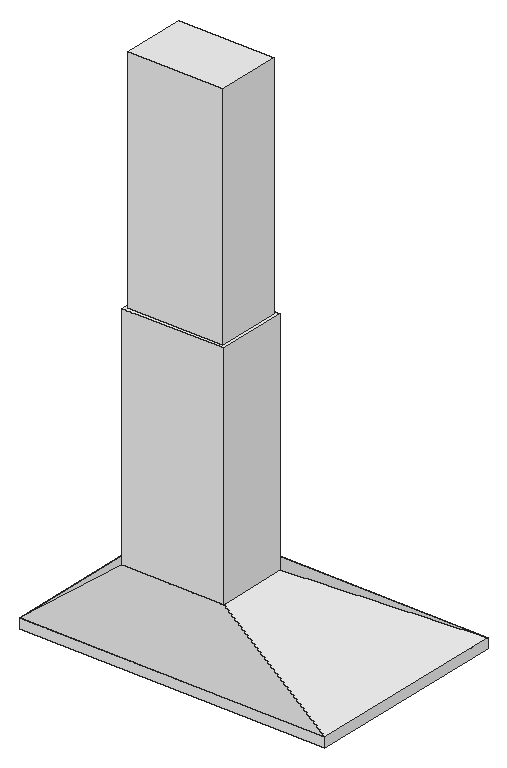
Revit family "Exhaust Hood (1)", category 특수 시설물, Revit 2026
Family settings
  호스트 = 벽
  원형 커넥터 치수 = 지름 사용
  부품 유형 = 보통
  뷰에서 절단 사용 = 아니오
  항상 수직 = 예
  로드될 때 보이드를 사용하여 절단 = 아니오
  주석 방향 유지 = 아니오
  공유 = 아니오
  룸 계산 점 = 아니오
Parameters (values of type "900 x 600mm")
  기본 높이 = 0 mm
  Material = Metal - Aluminium
  제조업체 = "Revit"
  Ceiling Height = 3000 mm
  Assembly Code = ""
Reference planes
  plane 1: y = 0
  plane 2 "Center (Left/Right)": x = 125
  plane 3 "Back": y = 75
  plane 4: z = 1400
  plane 5: z = 2322.5
  plane 6: z = 3000
  plane 7: z = 1645
Forms (mm)
  Blend 1, solid, material "Metal - Aluminium" <- "Material"
    base sketch origin (0, 0, 1400) x (0, 1, 0) y (-1, 0, 0)
      loop
        line (75, 325) -> (75, -575) -> (675, -575) -> (675, 325) -> (75, 325)
    top sketch origin (0, 0, 1400) x (0, 1, 0) y (-1, 0, 0)
      loop
        line (75, 25) -> (75, -275) -> (285, -275) -> (285, 25) -> (75, 25)
    from 0 to 245
  Extrusion 2, solid, material "Metal - Aluminium" <- "Material"
    sketch origin (0, 0, 1645) x (0, 1, 0) y (-1, 0, 0)
      loop
        line (285, -275) -> (285, 25) -> (75, 25) -> (75, -275) -> (285, -275)
    from 0 to 677.5
  Extrusion 3, solid, material "Metal - Aluminium" <- "Material"
    sketch origin (0, 0, 2322.5) x (0, 1, 0) y (-1, 0, 0)
      loop
        line (85, 15) -> (85, -265) -> (275, -265) -> (275, 15) -> (85, 15)
    from 0 to 677.5
  Extrusion 4, solid, material "Metal - Aluminium" <- "Material"
    sketch origin (0, 0, 1400) x (-1, 0, 0) y (0, 1, 0)
      loop
        line (325, 675) -> (-575, 675) -> (-575, 75) -> (325, 75) -> (325, 675)
    from 0 to 30
Lines and regions (mm)
  model lines, detail levels medium+fine
    curve 1: line (-205, 592.86, 1370) -> (455, 592.86, 1370)
    curve 2: line (455, 152.86, 1370) -> (-205, 152.86, 1370)
    curve 3: line (455, 592.86, 1370) -> (455, 152.86, 1370)
    curve 4: circle (515, 372.86, 1370) r 40 normal (0, 0, 1)
    curve 5: circle (-265, 372.86, 1370) r 40 normal (0, 0, -1)
    curve 6: line (-205, 592.86, 1370) -> (-205, 152.86, 1370)
    curve 7: line (-5, 592.86, 1370) -> (-5, 152.86, 1370)
    curve 8: line (255, 592.86, 1370) -> (255, 152.86, 1370)
Text (mm)
  text "Placement side" at (-1864.261, 916.262, 0), in view "Ref. Level"
  text "Placement side" at (0, 1605.175, 2923.955), in view "Left"
  text "Placement side" at (0, 595.982, 3004.978), in view "Right"
Dimensions and locks
  locked: plane 3 "Back" to host wall at 0
  locked: Blend 1 sketch curve to Blend 1 sketch curve at 900
  equal spacing: Blend 1 sketch curve, plane 2 "Center (Left/Right)", Blend 1 sketch curve
  locked: Blend 1 sketch curve to Blend 1 sketch curve at 300
  locked: Blend 1 sketch curve to Blend 1 sketch curve at 210
  locked: plane 4 to plane 7 at 245
  equal spacing: plane 7, plane 5, plane 6
  locked: Extrusion 2 to Extrusion 3 sketch curve at 10  (x3)
  locked: Extrusion 3 sketch curve to Extrusion 2 at 10
  locked: Extrusion 4 to plane 4 at 30
  "Ceiling Height": level to plane 6
  aligned and locked: plane 1 to host wall
  aligned and locked: host wall to Blend 1 sketch curve
  aligned and locked: plane 3 "Back" to Blend 1 sketch curve
  aligned and locked: Blend 1 to plane 7
  aligned and locked: plane 4 to Blend 1
  aligned and locked: Extrusion 2 sketch curve to Blend 1  (x3)
  aligned and locked: Blend 1 to Extrusion 2 sketch curve
  aligned and locked: plane 7 to Extrusion 2
  aligned and locked: Extrusion 2 to plane 7
  aligned and locked: Extrusion 2 to plane 5
  aligned and locked: Extrusion 3 to plane 6
  aligned and locked: Extrusion 4 sketch curve to Blend 1  (x4)
Automatic sketch dimensions
  host wall to Blend 1 sketch curve = 600 mm
  plane 2 "Center (Left/Right)" to Blend 1 sketch curve = 150 mm
  host wall to curve 6 = 77.86 mm
  curve 5 to curve 6 = 60 mm
  plane 2 "Center (Left/Right)" to curve 8 = 130 mm
  curve 2 to curve 4 = 60 mm
  curve 2 to curve 4 = 220 mm
  curve 2 to curve 5 = 220 mm
  curve 4 to curve 3 = 220 mm
  curve 7 to plane 2 "Center (Left/Right)" = 130 mm
  curve 1 to curve 7 = 200 mm
  curve 8 to curve 1 = 200 mm
  radius of curve 4 = 40 mm
  radius of curve 5 = 40 mm
